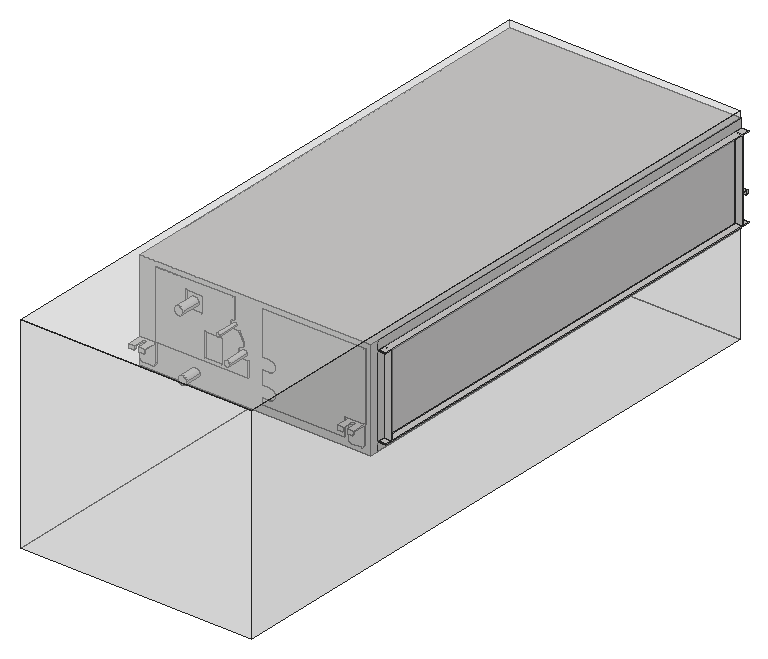
Revit family "outputfile", category 機械設備, Revit 2024
Family settings
  丸型コネクタ寸法 = 半径を使用
  パーツ タイプ = 標準
  OmniClass 番号 = 23.75.10.24.21.27.27
  OmniClass タイトル = Split System Air Conditioning Units
  作業面ベース = いいえ
  常に垂直 = はい
  ロード時にボイドで切り取り = いいえ
  注釈の向きを維持 = いいえ
  共有 = いいえ
  部屋計算ポイント = はい
Parameters (values of type "FDMA85AV1A")
  Description = ""
  製造元 = "Daikin"
  書き出し IFC クラス(タイプ) = "IfcUnitaryEquipmentType"
  定義済み IFC タイプ(タイプ) = "AIRCONDITIONINGUNIT"
  Cost = 0
  モデル = "FDMA85AV1A"
  Type Comments = ""
  Keynote = ""
  Type Image = (empty or 0)
  Assembly Code = ""
  switch_frequency = yes
  r_Liquid Pipe Size = Liquid Pipe Size / 2  # 4.75 mm
  r_Gas Pipe Size = Gas Pipe Size / 2  # 7.95 mm
  r_Drain Pipe Size = Drain Pipe Size / 2  # 12.5 mm
  lw_power = 395.0 mm  # constant formula
  lw_mountinghole1 = if(Depth = 1000.0 mm, 27.0 mm, if(Depth = 1400.0 mm, 28.0 mm, 27.0 mm))  # 28.0 mm
  lh_SA = 165.0 mm  # constant formula
  lw_SA = if(Depth = 550.0 mm, 225.0 mm, if(Depth = 700.0 mm, 300.0 mm, if(Depth = 1000.0 mm, 435.0 mm, if(Depth = 1400.0 mm, 635.0 mm, 725.0 mm))))  # 635.0 mm
  lw_RA = if(Depth = 550.0 mm, 275.0 mm, if(Depth = 700.0 mm, 349.0 mm, if(Depth = 1000.0 mm, 513.0 mm, if(Depth = 1400.0 mm, 713.0 mm, 775.0 mm))))  # 713.0 mm
  lh_power = 60.0 mm + [h***]  # 60.0 mm
  lh_mountinghole1 = lh_mountinghole + [h***]  # 80.0 mm
  lh_RA = 150.0 mm  # constant formula
  ld_power = Depth / 2  # 700.0 mm
  connector_voltage = Voltage_50Hz  # 230 V
  connector_powerinput = [Power Input (Cooling)]  # 2.290 kW
  connector_phase = Phase_50Hz  # 1
  Voltage_comment_50Hz = "220 - 240"
  Voltage_50Hz = 230 V
  URL = ""
  Total Heating Capacity [instance] = 0.000 kW
  Supply Air Direction [instance] = yes
  Sound Power Level_H speed (dB) = 55
  Power Input (Heating) = 2.520 kW
  Phase_50Hz = 1
  Nominal Heating Capacity = 10.000 kW
  Minimum External Static Pressure = 50.00 Pa
  Minimum Circuit Amps_50Hz = 0.0 A
  Maximum Fuse Amps_50Hz = 0.0 A
  Maximum External Static Pressure = 200.00 Pa
  Material_Casing = DAIKIN_GalvanizedSteel_Casing_indoorunit
  lw_mountinghole = 631.0 mm  # constant formula
  lh_gaspipe = 144.0 mm + [h***]  # 144.0 mm
  lh_mountinghole = 80.0 mm  # constant formula
  lh_liquidpipe = 212.0 mm + [h***]  # 212.0 mm
  lh_drainpipe = 232.0 mm + [h***]  # 232.0 mm
  lh_antena = Height - lh_mountinghole + 1.0 mm  # 221.0 mm
  ld_drainpipe = Depth / 2 + 59.0 mm  # 759.0 mm
  ld_liquidpipe = Depth / 2 + 65.0 mm  # 765.0 mm
  ld_gaspipe = Depth / 2 + 65.0 mm  # 765.0 mm
  ld_mountinghole = Depth + 38.0 mm  # 1438.0 mm
  h*** = 0.0 mm  # constant formula
  lw_liquidpipe = 290.0 mm  # constant formula
  lw_gaspipe = 290.0 mm + 28.0 mm  # 318.0 mm
  lw_drainpipe = 167.0 mm  # constant formula
  Width = 700.0 mm
  Version = "ver.1.0"
  Unit Type = "Duct"
  Unit Mass Weight = 78.00 kg
  Unit Designation [instance] = ""
  Uniclass2015Version = "Products v1.30"
  Uniclass2015Title = "Split coil room air conditioning units"
  Uniclass2015Code = "Pr_70_65_03_86"
  Total Cooling Capacity [instance] = 0.000 kW
  Sound Pressure Level_M speed (dBA) = 35.5
  Sound Pressure Level_L speed (dBA) = 33
  Sound Pressure Level_H speed (dBA) = 38
  Series = "SkyAir_Fan Coil Unit"
  Sensible Cooling Capacity [instance] = 0.000 kW
  SA Duct Size Width = 1160.0 mm
  SA Duct Size Height = 215.0 mm
  Refrigerant Type = "R32"
  RA Duct Size Width = 1325.0 mm
  RA Duct Size Height = 247.0 mm
  Power Input (Cooling) = 2.290 kW
  Option Accessory 3 [instance] = ""
  Option Accessory 2 [instance] = ""
  Option Accessory 1 [instance] = ""
  Nominal Cooling Capacity = 8.500 kW
  Minimum Airflow = 1380.00 m³/h
  Median Airflow = 1650.00 m³/h
  Maximum Airflow = 1920.00 m³/h
  Load Classification = HVAC
  Liquid Pipe Size = 9.5 mm
  Link_Nested Family [instance] = ""
  IfcVersion = ""
  IfcExportType = "AIRCONDITIONINGUNIT"
  IfcExportAs = "IfcUnitaryEquipmentType"
  Height = 300.0 mm
  Heating Entering Wet Bulb Temperature [instance] = -273.15 °C
  Heating Entering Dry Bulb Temperature [instance] = -273.15 °C
  Heating Ambient Wet Bulb Temperature [instance] = -273.15 °C
  Heating Ambient Dry Bulb Temperature [instance] = -273.15 °C
  Heat Exchanger Type = "Cross Fin Coil"
  Gas Pipe Size = 15.9 mm
  Frequency_50Hz = 50 Hz
  Fan Type = "Sirocco Fan"
  Fan Drive = "-"
  FCU Tag No. [instance] = ""
  Drain Pipe Size = 25.0 mm
  Design Supply Airflow [instance] = 0.00 m³/h
  Design Return Airflow [instance] = 0.00 m³/h
  Design External Static Pressure [instance] = 0.00 Pa
  Depth = 1400.0 mm
  既定の高さ = 0.0 mm
  Cooling Entering Wet Bulb Temperature [instance] = 0.00 °C
  Cooling Entering Dry Bulb Temperature [instance] = 0.00 °C
  Cooling Ambient Wet Bulb Temperature [instance] = 0.00 °C
  Cooling Ambient Dry Bulb Temperature [instance] = 0.00 °C
  Clearance visibility [instance] = yes
  Clearance Top = 20.0 mm
  Clearance Right = 0.0 mm
  Clearance Rear = 0.0 mm
  Clearance Left = 0.0 mm
  Clearance Front = 450.0 mm
  Clearance Bottom = 300.0 mm
Reference planes
  plane 1 "Center (Front/Back)": y = 0
  plane 2 "h": z = 0
  plane 3 "Center (Left/Right)": x = 0
  plane 4 "Back": y = 700
  plane 5 "Front": y = -700
  plane 6 "Left": x = -350
  plane 7 "Right": x = 350
  plane 8 "Top": z = 0
  plane 9 "Bottom": z = -300
  plane 10: y = -215
  plane 11: y = 700
  plane 12: y = -1150
  plane 13: x = -350
  plane 14: x = 350
  plane 15: z = 20
  plane 16: z = -600
  plane 17: x = -350
  plane 18: x = -349
  plane 19: x = 349
  plane 20: y = 65
  plane 21: y = 13
  plane 22: z = -150
  plane 23: y = -701
  plane 24: z = -88
  plane 25: x = -60
  plane 26: y = -765
  plane 27: z = -156
  plane 28: x = -32
  plane 29: y = -759
  plane 30: z = -68
  plane 31: x = -183
  plane 32: x = -183
  plane 33: x = -60
  plane 34: x = -32
  plane 35: x = 45
  plane 36: x = -322
  plane 37: x = 309
  plane 38: y = -719
  plane 39: y = 719
  plane 40: z = -220
  plane 41: z = -135
  plane 42: y = -765
  plane 43: y = -376
  plane 44: y = -699
  plane 45: x = -373
  plane 46: x = 373
  plane 47: y = -749
Forms (mm)
  Extrusion 1, solid, material "DAIKIN_GalvanizedSteel_Casing_indoorunit" <- "Material_Casing"
    sketch origin (0, 0, 0) x (1, 0, 0) y (0, 1, 0)
      loop
        line (-349, 700) -> (-349, -700) -> (349, -700) -> (349, 700) -> (-349, 700)
    from -300 to 0
  Extrusion 2, solid, material "DAIKIN_GalvanizedSteel_Casing_indoorunit" <- "Material_Casing"
    sketch origin (0, 0, 0) x (1, 0, 0) y (0, 0, 1)
      loop
        line (-298.499, -219) -> (-20, -219) -> (-20, -172.5) -> (-37.831, -172.5)
        arc (-37.831, -172.5) -> (-49.389, -154.034) -> (-34, -138.615) r 17.5
        line (-34, -138.615) -> (-34, -127.5) -> (-47, -100.5) -> (-63.571, -100.5)
        arc (-63.571, -100.5) -> (-72.874, -86.197) -> (-60, -75) r 13
        line (-60, -75) -> (-60, -14) -> (-298.499, -14) -> (-298.499, -219)
      loop
        line (-158.5, -43.5) -> (-207.5, -43.5) -> (-207.5, -92.5) -> (-158.5, -92.5) -> (-158.5, -43.5)
      loop
        line (-150.563, -137.796) -> (-150.563, -209.857) -> (-96.517, -209.857) -> (-96.517, -137.796) -> (-150.563, -137.796)
    from 700 to 701
  Extrusion 3, solid, material "DAIKIN_GalvanizedSteel_Casing_indoorunit" <- "Material_Casing"
    sketch origin (0, 0, 0) x (1, 0, 0) y (0, 0, 1)
      loop
        line (23.104, -274.802) -> (272.104, -274.802) -> (272.104, -219.802) -> (335, -219.802) -> (335, -15.8) -> (23.104, -15.8) -> (23.104, -146.302) -> (46.104, -146.302)
        arc (46.104, -146.302) -> (63.604, -163.802) -> (46.104, -181.302) r 17.5
        line (46.104, -181.302) -> (23.104, -181.302) -> (23.104, -222.302) -> (46.104, -222.302)
        arc (46.104, -222.302) -> (63.604, -239.802) -> (46.104, -257.302) r 17.5
        line (46.104, -257.302) -> (23.104, -257.302) -> (23.104, -274.802)
    from 700 to 701
  Extrusion 4, solid, material "DAIKIN_GalvanizedSteel_Casing_indoorunit" <- "Material_Casing"
    sketch origin (0, 0, 0) x (1, 0, 0) y (0, 0, 1)
      loop
        circle (-60, -88) r 4.75
    from 700 to 765
  Extrusion 5, solid, material "DAIKIN_GalvanizedSteel_Casing_indoorunit" <- "Material_Casing"
    sketch origin (0, 0, 0) x (1, 0, 0) y (0, 0, 1)
      loop
        circle (-32, -156) r 7.95
    from 700 to 765
  Extrusion 6, solid, material "DAIKIN_GalvanizedSteel_Casing_indoorunit" <- "Material_Casing"
    sketch origin (0, 0, 0) x (1, 0, 0) y (0, 0, 1)
      loop
        circle (-183, -68) r 12.5
    from 700 to 759
  Extrusion 7, solid, material "DAIKIN_GalvanizedSteel_Casing_indoorunit" <- "Material_Casing"
    sketch origin (0, 0, 0) x (1, 0, 0) y (0, 0, 1)
      loop
        circle (-180, -260) r 12.5
    from 700 to 749
Dimensions and locks
  "Height": plane 8 "Top" to plane 9 "Bottom"
  equal spacing: plane 4 "Back", plane 1 "Center (Front/Back)", plane 5 "Front"
  "Depth": plane 4 "Back" to plane 5 "Front"
  equal spacing: plane 6 "Left", plane 3 "Center (Left/Right)", plane 7 "Right"
  "Width": plane 6 "Left" to plane 7 "Right"
  "Clearance Left": plane 13 to plane 6 "Left"
  "Clearance Right": plane 7 "Right" to plane 14
  "Clearance Rear": plane 11 to plane 4 "Back"
  "Clearance Front": plane 5 "Front" to plane 12
  "Clearance Top": plane 15 to plane 8 "Top"
  "Clearance Bottom": plane 9 "Bottom" to plane 16
  locked: plane 17 to plane 18 at 1
  locked: plane 19 to plane 14 at 1
  "lw_RA": plane 21 to plane 5 "Front"
  "lh_RA": plane 22 to plane 9 "Bottom"
  locked: plane 5 "Front" to plane 23 at 1
  "lw_liquidpipe": plane 25 to plane 6 "Left"
  "lh_liquidpipe": plane 24 to plane 9 "Bottom"
  "lh_gaspipe": plane 27 to plane 9 "Bottom"
  "lw_gaspipe": plane 28 to plane 6 "Left"
  "ld_gaspipe": plane 26 to plane 1 "Center (Front/Back)"
  "ld_drainpipe": plane 29 to plane 1 "Center (Front/Back)"
  "lh_drainpipe": plane 30 to plane 9 "Bottom"
  "lw_drainpipe": plane 31 to plane 6 "Left"
  "lw_drainpipe": plane 6 "Left" to plane 32
  "lw_liquidpipe": plane 6 "Left" to plane 33
  "lw_gaspipe": plane 6 "Left" to plane 34
  "lw_power": plane 6 "Left" to plane 35
  "lw_mountinghole1": plane 17 to plane 36
  "lw_mountinghole": plane 36 to plane 37
  equal spacing: plane 38, plane 1 "Center (Front/Back)", plane 39
  "ld_mountinghole": plane 39 to plane 38
  "lh_mountinghole": plane 40 to plane 9 "Bottom"
  "lh_SA": plane 41 to plane 9 "Bottom"
  locked: plane 44 to plane 5 "Front" at 1
  locked: plane 45 to plane 17 at 23
  locked: plane 14 to plane 46 at 23
  "ld_liquidpipe": plane 42 to plane 1 "Center (Front/Back)"
  locked: Extrusion 7 sketch curve to plane 18 at 169
  locked: Extrusion 7 sketch curve to plane 9 "Bottom" at 40
  locked: Extrusion 2 sketch curve to Extrusion 2 sketch curve at 205
  locked: Extrusion 2 sketch curve to Extrusion 2 sketch curve at 86.5
  locked: Extrusion 2 sketch curve to Extrusion 2 sketch curve at 72
  locked: Extrusion 2 sketch curve to Extrusion 2 sketch curve at 49  (x2)
  locked: Extrusion 2 sketch curve to Extrusion 2 sketch curve at 29.5
  locked: Extrusion 2 sketch curve to Extrusion 2 sketch curve at 72.061
  locked: Extrusion 2 sketch curve to Extrusion 2 sketch curve at 54.046
  locked: Extrusion 2 sketch curve to Extrusion 2 sketch curve at 98.5
  Extrusion 2 sketch curve to connector elem = 40.0 mm
  locked: Extrusion 2 sketch curve to Extrusion 2 sketch curve at 9.143
  locked: Extrusion 2 sketch curve to plane 18 at 50.501
  locked: plane 5 "Front" to plane 47 at 49
  "lw_SA": plane 4 "Back" to plane 20
  "r_Liquid Pipe Size": radius of Extrusion 4 sketch curve
  "r_Gas Pipe Size": radius of Extrusion 5 sketch curve
  "r_Drain Pipe Size": radius of Extrusion 6 sketch curve
  aligned and locked: level to plane 2 "h"
  aligned and locked: plane 8 "Top" to Extrusion 1
  aligned and locked: Extrusion 1 to plane 9 "Bottom"
  aligned and locked: nested 5 to plane 12
  aligned and locked: plane 13 to nested 5
  aligned and locked: plane 14 to nested 5
  aligned and locked: nested 5 to plane 13
  aligned and locked: plane 11 to nested 5
  aligned and locked: plane 15 to nested 5
  aligned and locked: plane 16 to nested 5
  aligned and locked: plane 5 "Front" to Extrusion 1 sketch curve
  aligned and locked: Extrusion 1 to plane 18
  aligned and locked: plane 19 to Extrusion 1
  aligned and locked: nested 7 to plane 18
  aligned and locked: nested 7 to plane 20
  aligned and locked: plane 19 to nested 8
  aligned and locked: plane 21 to nested 8
  aligned and locked: plane 22 to nested 8
  aligned and locked: Extrusion 2 to plane 23
  aligned and locked: plane 5 "Front" to Extrusion 2
  aligned and locked: plane 5 "Front" to Extrusion 3
  aligned and locked: Extrusion 4 sketch curve to plane 25
  aligned and locked: plane 24 to Extrusion 4 sketch curve
  aligned and locked: plane 5 "Front" to Extrusion 4
  aligned and locked: Extrusion 5 sketch curve to plane 28
  aligned and locked: plane 27 to Extrusion 5 sketch curve
  aligned and locked: plane 5 "Front" to Extrusion 5
  aligned and locked: Extrusion 6 sketch curve to plane 31
  aligned and locked: Extrusion 6 sketch curve to plane 30
  aligned and locked: Extrusion 6 to plane 29
  aligned and locked: nested 3 to plane 29
  aligned and locked: nested 3 to plane 32
  aligned and locked: nested 2 to plane 33
  aligned and locked: nested 1 to plane 34
  aligned and locked: Extrusion 5 to plane 26
  aligned and locked: nested 1 to plane 26
  aligned and locked: nested 6 to plane 5 "Front"
  aligned and locked: nested 6 to plane 35
  aligned and locked: plane 36 to nested 10
  aligned and locked: nested 10 to plane 5 "Front"
  aligned and locked: plane 37 to nested 9
  aligned and locked: nested 9 to plane 5 "Front"
  aligned and locked: nested 11 to plane 36
  aligned and locked: plane 4 "Back" to nested 11
  aligned and locked: nested 12 to plane 37
  aligned and locked: plane 4 "Back" to nested 12
  aligned and locked: plane 40 to nested 10
  aligned and locked: plane 40 to nested 11
  aligned and locked: plane 40 to nested 9
  aligned and locked: plane 40 to nested 12
  aligned and locked: plane 36 to nested 14
  aligned and locked: nested 14 to plane 39
  aligned and locked: plane 37 to nested 13
  aligned and locked: nested 13 to plane 39
  aligned and locked: plane 37 to nested 16
  aligned and locked: plane 38 to nested 16
  aligned and locked: plane 38 to nested 15
  aligned and locked: plane 36 to nested 15
  aligned and locked: plane 17 to plane 6 "Left"
  aligned and locked: plane 41 to nested 7
  aligned and locked: Extrusion 4 to plane 42
  aligned and locked: nested 2 to plane 42
  aligned and locked: Extrusion 3 to plane 23
  aligned and locked: nested 17 to plane 20
  aligned and locked: nested 17 to plane 45
  aligned and locked: plane 21 to nested 18
  aligned and locked: plane 46 to nested 18
  aligned and locked: plane 41 to nested 17
  aligned and locked: nested 18 to plane 22
  aligned and locked: nested 4 to plane 3 "Center (Left/Right)"
  aligned and locked: plane 1 "Center (Front/Back)" to nested 4
  aligned and locked: level to plane 8 "Top"
  aligned and locked: plane 5 "Front" to Extrusion 6
  aligned and locked: plane 5 "Front" to Extrusion 7
  aligned and locked: Extrusion 7 to plane 47
Automatic sketch dimensions
  plane 6 "Left" to Extrusion 1 sketch curve = 1.0 mm
  Extrusion 1 sketch curve to plane 7 "Right" = 1.0 mm
  Extrusion 1 sketch curve to plane 4 "Back" = 0.0 mm
  Extrusion 2 sketch curve to Extrusion 2 sketch curve = 13.0 mm
  Extrusion 2 sketch curve to Extrusion 2 sketch curve = 16.571 mm
  plane 41 to Extrusion 2 sketch curve = 7.5 mm
  Extrusion 2 sketch curve to plane 41 = 3.615 mm
  Extrusion 2 sketch curve to Extrusion 2 sketch curve = 2.0 mm
  Extrusion 2 sketch curve to Extrusion 2 sketch curve = 5.831 mm
  plane 40 to Extrusion 2 sketch curve = 1.0 mm
  Extrusion 2 sketch curve to Extrusion 2 sketch curve = 12.5 mm
  Extrusion 2 sketch curve to plane 33 = 90.563 mm
  plane 3 "Center (Left/Right)" to Extrusion 3 sketch curve = 23.104 mm
  Extrusion 3 sketch curve to level = 15.8 mm
  Extrusion 3 sketch curve to plane 19 = 14.0 mm
  plane 40 to Extrusion 3 sketch curve = 0.198 mm
  Extrusion 3 sketch curve to plane 37 = 36.896 mm
  plane 9 "Bottom" to Extrusion 3 sketch curve = 25.198 mm  (x2)
  Extrusion 2 sketch curve to plane 33 = 147.5 mm
  Extrusion 2 sketch curve to Extrusion 2 sketch curve = 17.831 mm
  plane 35 to Extrusion 3 sketch curve = 1.104 mm  (x2)
  plane 22 to Extrusion 3 sketch curve = 3.698 mm
  Extrusion 3 sketch curve to plane 40 = 2.302 mm
  Extrusion 3 sketch curve to Extrusion 3 sketch curve = 17.5 mm
  Extrusion 3 sketch curve to plane 22 = 31.302 mm
  Extrusion 3 sketch curve to plane 35 = 21.896 mm
  Extrusion 3 sketch curve to Extrusion 3 sketch curve = 0.0 mm
  radius of Extrusion 7 sketch curve = 12.5 mm
Nested families
  nested 1: "daikin_connector_rotate2" at (-32, 0, -156), length <- "ld_gaspipe", built-in parameter 1001364 <- "lh_gaspipe", radius <- "r_Gas Pipe Size", type "daikin_connector_rotate2"
    with radius 7.95 mm, length 765.0 mm, angle_vertical 90.00°
  nested 2: "daikin_connector_rotate2" at (-60, 0, -88), length <- "ld_liquidpipe", built-in parameter 1001364 <- "lh_liquidpipe", radius <- "r_Liquid Pipe Size", type "daikin_connector_rotate2"
    with radius 4.75 mm, length 765.0 mm, angle_vertical 90.00°
  nested 3: "daikin_connector_rotate2" at (-183, 0, -68), length <- "ld_drainpipe", built-in parameter 1001364 <- "lh_drainpipe", radius <- "r_Drain Pipe Size", type "daikin_connector_rotate2"
    with radius 12.5 mm, length 759.0 mm, angle_vertical 90.00°
  nested 4: "daikin_△_symbolicline" at (0, 0, 300) x (0, -1, 0) z (0, 0, 1), built-in parameter 1001364 <- "Height", visible <- "Supply Air Direction", type "daikin_△_symbolicline"
    with length 200.0 mm
  nested 5: "daikin_clearancespace" at (0, -225, -289.881), visible <- "Clearance visibility", show <- "Clearance visibility", Link_Nested Family <- "Link_Nested Family", type "daikin_clearancespace"
    with width 700.0 mm, show yes, height 620.0 mm, depth 1850.0 mm, Link_Nested Family ""
  nested 6: "daikin_connector_rotate2" at (45, 0, -240), built-in parameter 1001364 <- "lh_power", length <- "ld_power", type "daikin_connector_rotate2"
    with radius 10.0 mm, length 700.0 mm, angle_vertical 90.00°
  nested 7: "daikin_ductflange_FDMA-AV1A2" at (-349, 65, -135) x (0, -1, 0) z (0, 0, 1), type "daikin_ductflange_FDMA-AV1A2"
    with width 1160.0 mm, w 1400.0 mm
  nested 8: "daikin_ductflange_FDMA-AV1A" at (349, 13, -150) x (0, 1, 0) z (0, 0, 1), type "daikin_ductflange_FDMA-AV1A"
    with width 1325.0 mm, w 1400.0 mm
  nested 9: "daikin_hangerfixture_FDMA-AV1A" at (309, -700, -220), type "daikin_hangerfixture_FDMA-AV1A"
  nested 10: "daikin_hangerfixture_FDMA-AV1A" at (-322, -700, -220), type "daikin_hangerfixture_FDMA-AV1A"
  nested 11: "daikin_hangerfixture_FDMA-AV1A" at (-322, 700, -220) x (-1, 0, 0) z (0, 0, 1), type "daikin_hangerfixture_FDMA-AV1A"
  nested 12: "daikin_hangerfixture_FDMA-AV1A" at (309, 700, -220) x (-1, 0, 0) z (0, 0, 1), type "daikin_hangerfixture_FDMA-AV1A"
  nested 13: "daikin_mountinghole" at (309, 719, -300), h_mountinghole <- "lh_mountinghole1", l_antenna <- "lh_antena", Link_Nested Family <- "Link_Nested Family", type "daikin_mountinghole"
    with show yes, l_antenna 221.0 mm, h_mountinghole 80.0 mm, Link_Nested Family ""
  nested 14: "daikin_mountinghole" at (-322, 719, -300), h_mountinghole <- "lh_mountinghole1", l_antenna <- "lh_antena", Link_Nested Family <- "Link_Nested Family", type "daikin_mountinghole"
    with show yes, l_antenna 221.0 mm, h_mountinghole 80.0 mm, Link_Nested Family ""
  nested 15: "daikin_mountinghole" at (-322, -719, -300), h_mountinghole <- "lh_mountinghole1", l_antenna <- "lh_antena", Link_Nested Family <- "Link_Nested Family", type "daikin_mountinghole"
    with show yes, l_antenna 221.0 mm, h_mountinghole 80.0 mm, Link_Nested Family ""
  nested 16: "daikin_mountinghole" at (309, -719, -300), h_mountinghole <- "lh_mountinghole1", l_antenna <- "lh_antena", Link_Nested Family <- "Link_Nested Family", type "daikin_mountinghole"
    with show yes, l_antenna 221.0 mm, h_mountinghole 80.0 mm, Link_Nested Family ""
  nested 17: "daikin_connector_rotate2" at (-349, 65, -135) x (0, -1, 0) z (0, 0, 1), type "daikin_connector_rotate2"
    with radius 10.0 mm, length 24.0 mm, angle_vertical 90.00°
  nested 18: "daikin_connector_rotate2" at (349, 13, -150) x (0, 1, 0) z (0, 0, 1), type "daikin_connector_rotate2"
    with radius 10.0 mm, length 24.0 mm, angle_vertical 90.00°
Connectors
  piping at (-183, -759, -68), diameter 25, driven by "r_Drain Pipe Size"
    settings: on nested 3, index 3, connector inside diameter 609.6 mm, connector length 0.0 mm, flow factor 0, pipe flow 0.00 m³/h, pressure drop 0.0 Pa, fitting loss kfactor 0, connector angle 0.00°, fixture units 0, engagement length 0.0 mm, angle of deflection 0.00°, flow configuration 1, flow direction 2, fitting loss method 4, system type 16, joint type 0, gender type 0, connector reference index -1, connector utility 0, adjustable connector no, is connector primary yes, connector description "Condensate Drain Piping"
  piping at (-32, -765, -156), diameter 15.9, driven by "r_Gas Pipe Size"
    settings: on nested 1, index 4, connector inside diameter 609.6 mm, connector length 0.0 mm, flow factor 0, pipe flow 0.00 m³/h, pressure drop 0.0 Pa, fitting loss kfactor 0, connector angle 0.00°, fixture units 0, engagement length 0.0 mm, angle of deflection 0.00°, flow configuration 1, flow direction 2, fitting loss method 0, system type 29, joint type 0, gender type 0, connector reference index -1, connector utility 0, adjustable connector no, is connector primary no, connector description "Refrigerant Gas Piping"
  piping at (-60, -765, -88), diameter 9.5, driven by "r_Liquid Pipe Size"
    settings: on nested 2, index 5, connector inside diameter 609.6 mm, connector length 0.0 mm, flow factor 0, pipe flow 0.00 m³/h, pressure drop 0.0 Pa, fitting loss kfactor 0, connector angle 0.00°, fixture units 0, engagement length 0.0 mm, angle of deflection 0.00°, flow configuration 1, flow direction 1, fitting loss method 0, system type 29, joint type 0, gender type 0, connector reference index -1, connector utility 0, adjustable connector no, is connector primary no, connector description "Refrigerant Liquid Piping"
  electrical at (45, -700, -240), driven by "Load Classification", driven by "connector_phase", driven by "connector_powerinput", driven by "connector_voltage"
    settings: on nested 6, index 6, voltage 230 V, apparent load 2290 VA, apparent load phase1 0 VA, apparent load phase2 0 VA, apparent load phase3 0 VA, power factor 1, load classification "HVAC", number of poles 1, system type 30, power factor state 1, is connector primary yes, connector utility no, sub classification motor no, connector description "Power Supply"
  hvac at (-373, 65, -135), driven by "SA Duct Size Height", driven by "SA Duct Size Width"
    settings: on nested 17, index 7, duct flow 0.00 m³/h, flow factor 0, pres drop 0.00 Pa, loss coef 0, conn angle 0.00°, conn width 1160.0 mm, conn height 215.0 mm, conn diameter 609.6 mm, duct sys type 1, conn prof type 1, flow config 0, flow direction 2, loss method 4, conn ref index -1, conn util no, is conn primary yes, conn desc "SA Duct"
  hvac at (373, 13, -150), driven by "RA Duct Size Height", driven by "RA Duct Size Width"
    settings: on nested 18, index 8, duct flow 0.00 m³/h, flow factor 0, pres drop 0.00 Pa, loss coef 0, conn angle 0.00°, conn width 1325.0 mm, conn height 247.0 mm, conn diameter 609.6 mm, duct sys type 2, conn prof type 1, flow config 0, flow direction 1, loss method 4, conn ref index -1, conn util no, is conn primary no, conn desc "RA Duct"
Definition of nested family "daikin_clearancespace"
  Parameters (values of type "daikin_clearancespace")
    Description = "daikin_clearancespace"
    width [instance] = 1823.963 mm
    show [instance] = yes
    material = none
    height [instance] = 1359.762 mm
    depth [instance] = 880.0 mm
    Default Elevation = 0.0 mm
    Link_Nested Family [instance] = ""
  Reference planes
    plane 1 "Center (Front/Back)": y = 0
    plane 2 "Center (Elevation)": z = -0.119
    plane 3 "Center (Left/Right)": x = 0
    plane 4: y = 440
    plane 5: y = -440
    plane 6 "Right": x = 911.982
    plane 7 "Left": x = -911.982
    plane 8 "Top": z = 679.762
    plane 9 "Bottom": z = -680
  Forms (mm)
    Extrusion 1, solid, material <- "material", visible <- "show"
      sketch origin (0, 0, 0) x (1, 0, 0) y (0, 1, 0)
        loop
          line (-911.982, 440) -> (-911.982, -440) -> (911.982, -440) -> (911.982, 440) -> (-911.982, 440)
      from -680 to 679.762
  Lines and regions (mm)
    symbolic lines, visible <- "show"
      curve 1: line (911.982, 440, 0) -> (-911.982, 440, 0)
      curve 2: line (-911.982, 440, 0) -> (-911.982, -440, 0)
      curve 3: line (-911.982, -440, 0) -> (911.982, -440, 0)
      curve 4: line (911.982, -440, 0) -> (911.982, 440, 0)
      curve 5: line (911.982, 0, 679.762) -> (-911.982, 0, 679.762)
      curve 6: line (911.982, 0, -680) -> (911.982, 0, 679.762)
      curve 7: line (-911.982, 0, -680) -> (911.982, 0, -680)
      curve 8: line (-911.982, 0, 679.762) -> (-911.982, 0, -680)
      curve 9: line (0, 440, 679.762) -> (0, -440, 679.762)
      curve 10: line (0, -440, 679.762) -> (0, -440, -680)
      curve 11: line (0, 440, -680) -> (0, 440, 679.762)
      curve 12: line (0, -440, -680) -> (0, 440, -680)
  Dimensions and locks
    "width": plane 7 "Left" to plane 6 "Right"
    "depth": plane 4 to plane 5
    "height": plane 8 "Top" to plane 9 "Bottom"
    equal spacing: plane 7 "Left", plane 3 "Center (Left/Right)", plane 6 "Right"
    equal spacing: plane 4, plane 1 "Center (Front/Back)", plane 5
    equal spacing: plane 8 "Top", plane 2 "Center (Elevation)", plane 9 "Bottom"
    aligned and locked: level to plane 2 "Center (Elevation)"
    aligned and locked: Extrusion 1 sketch curve to plane 4
    aligned and locked: plane 7 "Left" to Extrusion 1 sketch curve
    aligned and locked: Extrusion 1 sketch curve to plane 5
    aligned and locked: Extrusion 1 sketch curve to plane 6 "Right"
    aligned and locked: plane 8 "Top" to Extrusion 1
    aligned and locked: curve 1 to Extrusion 1
    aligned and locked: curve 2 to Extrusion 1
    aligned and locked: curve 3 to Extrusion 1
    aligned and locked: curve 4 to Extrusion 1
    aligned and locked: curve 5 to Extrusion 1
    aligned and locked: curve 6 to Extrusion 1
    aligned and locked: curve 7 to Extrusion 1
    aligned and locked: curve 8 to Extrusion 1
    aligned and locked: curve 9 to Extrusion 1
    aligned and locked: curve 10 to Extrusion 1
    aligned and locked: curve 11 to Extrusion 1
    aligned and locked: curve 12 to Extrusion 1
    aligned and locked: Extrusion 1 to plane 9 "Bottom"
Definition of nested family "daikin_ductflange_FDMA-AV1A2"
  Parameters (values of type "daikin_ductflange_FBFC-DVM92")
    width = if(w = 550.0 mm, 337.0 mm, if(w = 700.0 mm, 492.0 mm, if(w = 1000.0 mm, 760.0 mm, if(w = 1400.0 mm, 1160.0 mm, 1337.0 mm))))  # 760.0 mm
    material = none
    height = 215.0 mm
    depth = 1.0 mm
    w = 1000.0 mm
    Default Elevation = 0.0 mm
  Reference planes
    plane 1 "Center (Front/Back)": y = 0
    plane 2: z = 0
    plane 3 "Center (Left/Right)": x = 0
    plane 4: z = 107.5
    plane 5: z = -107.5
    plane 6: y = -24
    plane 7: z = 132.5
    plane 8: z = 108.5
    plane 9: y = -1
    plane 10: x = -402.5
    plane 11: x = 402.5
    plane 12: z = -132.5
    plane 13: z = -108.5
    plane 14: y = -1
    plane 15: x = 380
    plane 16: x = -380
    plane 17: x = 381
    plane 18: z = 106.5
    plane 19: z = -106.5
    plane 20: x = -381
    plane 21: z = 106.5
    plane 22: z = -106.5
    plane 23: y = -1
  Forms (mm)
    Extrusion 1, solid, material <- "material"
      sketch origin (0, 0, 0) x (0, 1, 0) y (0, 0, 1)
        loop
          line (-24, 107.5) -> (0, 107.5) -> (0, 132.5) -> (-1, 132.5) -> (-1, 108.5) -> (-24, 108.5) -> (-24, 107.5)
      from -402.5 to 402.5
    Extrusion 2, solid, material <- "material"
      sketch origin (0, 0, 0) x (0, 1, 0) y (0, 0, 1)
        loop
          line (-24, -107.5) -> (-24, -108.5) -> (-1, -108.5) -> (-1, -132.5) -> (0, -132.5) -> (0, -107.5) -> (-24, -107.5)
      from -402.5 to 402.5
    Extrusion 3, solid, material <- "material"
      sketch origin (0, 0, 0) x (1, 0, 0) y (0, 0, 1)
        loop
          line (380, 107.5) -> (380, -107.5) -> (402.5, -107.5) -> (402.5, -106.5) -> (381, -106.5) -> (381, 106.5) -> (402.5, 106.5) -> (402.5, 107.5) -> (380, 107.5)
      from 0 to 24
    Extrusion 4, solid, material <- "material"
      sketch origin (0, 0, 0) x (1, 0, 0) y (0, 0, 1)
        loop
          line (-402.5, 107.5) -> (-402.5, 106.5) -> (-381, 106.5) -> (-381, -106.5) -> (-402.5, -106.5) -> (-402.5, -107.5) -> (-380, -107.5) -> (-380, 107.5) -> (-402.5, 107.5)
      from 0 to 24
    Extrusion 5, solid, material <- "material"
      sketch origin (0, 0, 0) x (1, 0, 0) y (0, 0, 1)
        loop
          line (-402.5, 107.5) -> (-402.5, -107.5) -> (-380, -107.5) -> (-380, 107.5) -> (-402.5, 107.5)
        loop
          line (402.5, 107.5) -> (380, 107.5) -> (380, -107.5) -> (402.5, -107.5) -> (402.5, 107.5)
      from 0 to 1
  Cuts and joins
    joined: Extrusion 1, Extrusion 2, Extrusion 3, Extrusion 4, Extrusion 5
  Dimensions and locks
    plane 4 to level to plane 5 = 107.5 mm, 107.5 mm
    locked: plane 6 to plane 1 "Center (Front/Back)" at 24
    locked: plane 9 to plane 1 "Center (Front/Back)" at 1
    locked: plane 8 to plane 4 at 1
    locked: plane 16 to plane 10 at 22.5
    locked: plane 17 to plane 15 at 1
    locked: plane 4 to plane 18 at 1
    locked: plane 19 to plane 5 at 1
    "width": plane 15 to plane 16
    plane 4 to plane 5 = 215.0 mm
    locked: plane 16 to plane 20 at 1
    locked: plane 4 to plane 21 at 1
    locked: plane 22 to plane 5 at 1
    locked: plane 23 to plane 1 "Center (Front/Back)" at 1
    plane 4 to level to plane 5 = 107.5 mm locked, 107.5 mm locked
    locked: plane 5 to plane 13 at 1
    locked: plane 5 to plane 12 at 25
    locked: plane 7 to plane 4 at 25
    equal spacing: plane 15, plane 3 "Center (Left/Right)", plane 16
    locked: plane 11 to plane 15 at 22.5
    plane 11 to plane 10 = 805.0 mm
    aligned and locked: level to plane 2
    aligned and locked: Extrusion 1 to plane 10
    aligned and locked: plane 11 to Extrusion 1
    aligned and locked: plane 5 to Extrusion 2
    aligned and locked: Extrusion 2 to plane 1 "Center (Front/Back)"
    aligned and locked: plane 15 to Extrusion 3 sketch curve
    aligned and locked: Extrusion 3 sketch curve to Extrusion 2  (x2)
    aligned and locked: Extrusion 3 sketch curve to plane 11
    aligned and locked: plane 6 to Extrusion 3
    aligned and locked: Extrusion 2 to plane 10
    aligned and locked: plane 11 to Extrusion 2
    aligned and locked: Extrusion 4 sketch curve to Extrusion 1  (x2)
    aligned and locked: plane 5 to Extrusion 4 sketch curve
    aligned and locked: Extrusion 4 sketch curve to plane 16
    aligned and locked: Extrusion 4 sketch curve to plane 22
    aligned and locked: plane 20 to Extrusion 4 sketch curve
    aligned and locked: plane 21 to Extrusion 4 sketch curve
    aligned and locked: Extrusion 4 to plane 1 "Center (Front/Back)"
    aligned and locked: plane 6 to Extrusion 4
    aligned and locked: Extrusion 5 sketch curve to Extrusion 1  (x4)
    aligned and locked: Extrusion 5 sketch curve to Extrusion 4  (x2)
    aligned and locked: Extrusion 5 sketch curve to Extrusion 3  (x2)
    aligned and locked: Extrusion 5 to plane 1 "Center (Front/Back)"
    aligned and locked: plane 23 to Extrusion 5
  Automatic sketch dimensions
    Extrusion 1 sketch curve to plane 6 = 0.0 mm
    Extrusion 1 sketch curve to plane 7 = 0.0 mm
    Extrusion 1 sketch curve to plane 9 = 0.0 mm
    Extrusion 1 sketch curve to plane 1 "Center (Front/Back)" = 0.0 mm
    Extrusion 1 sketch curve to plane 4 = 0.0 mm
    Extrusion 1 sketch curve to plane 8 = 0.0 mm
    Extrusion 2 sketch curve to plane 6 = 0.0 mm
    plane 12 to Extrusion 2 sketch curve = 0.0 mm
    Extrusion 2 sketch curve to plane 14 = 0.0 mm
    Extrusion 2 sketch curve to plane 1 "Center (Front/Back)" = 0.0 mm
    plane 13 to Extrusion 2 sketch curve = 0.0 mm
    Extrusion 2 sketch curve to plane 5 = 0.0 mm
    Extrusion 3 sketch curve to plane 17 = 0.0 mm
    Extrusion 3 sketch curve to plane 19 = 0.0 mm
    Extrusion 3 sketch curve to plane 18 = 0.0 mm
    Extrusion 3 sketch curve to plane 4 = 0.0 mm
    Extrusion 4 sketch curve to plane 10 = 0.0 mm
Definition of nested family "daikin_ductflange_FDMA-AV1A"
  Parameters (values of type "daikin_ductflange_FBFC-DVM9")
    width = if(w = 550.0 mm, 502.0 mm, if(w = 700.0 mm, 654.0 mm, if(w = 1000.0 mm, 925.0 mm, if(w = 1400.0 mm, 1325.0 mm, 1502.0 mm))))  # 925.0 mm
    material = none
    lw = if(width = 654.0 mm, 23.0 mm, 22.5 mm)  # 22.5 mm
    height = 247.0 mm
    depth = 1.0 mm
    w = 1000.0 mm
    Default Elevation = 0.0 mm
  Reference planes
    plane 1 "Center (Front/Back)": y = 0
    plane 2: z = 0
    plane 3 "Center (Left/Right)": x = 0
    plane 4: z = 123.5
    plane 5: z = -123.5
    plane 6: y = -24
    plane 7: z = 148.5
    plane 8: z = 124.5
    plane 9: y = -1
    plane 10: x = -485
    plane 11: x = 485
    plane 12: z = -149.5
    plane 13: z = -124.5
    plane 14: y = -1
    plane 15: x = 462.5
    plane 16: x = -462.5
    plane 17: x = 463.5
    plane 18: z = 122.5
    plane 19: z = -122.5
    plane 20: x = -463.5
    plane 21: z = 122.5
    plane 22: z = -122.5
    plane 23: y = -1
  Forms (mm)
    Extrusion 1, solid, material <- "material"
      sketch origin (0, 0, 0) x (0, 1, 0) y (0, 0, 1)
        loop
          line (-24, 123.5) -> (0, 123.5) -> (0, 148.5) -> (-1, 148.5) -> (-1, 124.5) -> (-24, 124.5) -> (-24, 123.5)
      from -485 to 485
    Extrusion 2, solid, material <- "material"
      sketch origin (0, 0, 0) x (0, 1, 0) y (0, 0, 1)
        loop
          line (-24, -123.5) -> (-24, -124.5) -> (-1, -124.5) -> (-1, -149.5) -> (0, -149.5) -> (0, -123.5) -> (-24, -123.5)
      from -485 to 485
    Extrusion 3, solid, material <- "material"
      sketch origin (0, 0, 0) x (1, 0, 0) y (0, 0, 1)
        loop
          line (462.5, 123.5) -> (462.5, -123.5) -> (485, -123.5) -> (485, -122.5) -> (463.5, -122.5) -> (463.5, 122.5) -> (485, 122.5) -> (485, 123.5) -> (462.5, 123.5)
      from 0 to 24
    Extrusion 4, solid, material <- "material"
      sketch origin (0, 0, 0) x (1, 0, 0) y (0, 0, 1)
        loop
          line (-485, 123.5) -> (-485, 122.5) -> (-463.5, 122.5) -> (-463.5, -122.5) -> (-485, -122.5) -> (-485, -123.5) -> (-462.5, -123.5) -> (-462.5, 123.5) -> (-485, 123.5)
      from 0 to 24
    Extrusion 5, solid, material <- "material"
      sketch origin (0, 0, 0) x (1, 0, 0) y (0, 0, 1)
        loop
          line (-485, 123.5) -> (-485, -123.5) -> (-462.5, -123.5) -> (-462.5, 123.5) -> (-485, 123.5)
        loop
          line (485, 123.5) -> (462.5, 123.5) -> (462.5, -123.5) -> (485, -123.5) -> (485, 123.5)
      from 0 to 1
  Cuts and joins
    joined: Extrusion 1, Extrusion 2, Extrusion 3, Extrusion 4, Extrusion 5
  Dimensions and locks
    plane 4 to level to plane 5 = 123.5 mm, 123.5 mm
    locked: plane 6 to plane 1 "Center (Front/Back)" at 24
    locked: plane 9 to plane 1 "Center (Front/Back)" at 1
    locked: plane 8 to plane 4 at 1
    "lw": plane 11 to plane 15
    "lw": plane 16 to plane 10
    locked: plane 17 to plane 15 at 1
    locked: plane 4 to plane 18 at 1
    locked: plane 19 to plane 5 at 1
    "width": plane 15 to plane 16
    equal spacing: plane 15, plane 3 "Center (Left/Right)", plane 16
    locked: plane 16 to plane 20 at 1
    locked: plane 4 to plane 21 at 1
    locked: plane 22 to plane 5 at 1
    locked: plane 23 to plane 1 "Center (Front/Back)" at 1
    locked: plane 7 to plane 4 at 25
    locked: plane 1 "Center (Front/Back)" to plane 14 at 1
    locked: plane 5 to plane 13 at 1
    "height": plane 4 to plane 5
    plane 11 to plane 10 = 970.0 mm
    locked: plane 12 to plane 13 at 25
    equal spacing: plane 4, level, plane 5
    aligned and locked: level to plane 2
    aligned and locked: Extrusion 1 to plane 10
    aligned and locked: plane 11 to Extrusion 1
    aligned and locked: plane 5 to Extrusion 2
    aligned and locked: Extrusion 2 to plane 1 "Center (Front/Back)"
    aligned and locked: plane 15 to Extrusion 3 sketch curve
    aligned and locked: Extrusion 3 sketch curve to Extrusion 2  (x2)
    aligned and locked: Extrusion 3 sketch curve to plane 11
    aligned and locked: plane 6 to Extrusion 3
    aligned and locked: Extrusion 2 to plane 10
    aligned and locked: plane 11 to Extrusion 2
    aligned and locked: Extrusion 4 sketch curve to Extrusion 1  (x2)
    aligned and locked: plane 5 to Extrusion 4 sketch curve
    aligned and locked: Extrusion 4 sketch curve to plane 16
    aligned and locked: Extrusion 4 sketch curve to plane 22
    aligned and locked: plane 20 to Extrusion 4 sketch curve
    aligned and locked: plane 21 to Extrusion 4 sketch curve
    aligned and locked: Extrusion 4 to plane 1 "Center (Front/Back)"
    aligned and locked: plane 6 to Extrusion 4
    aligned and locked: Extrusion 5 sketch curve to Extrusion 1  (x4)
    aligned and locked: Extrusion 5 sketch curve to Extrusion 4  (x2)
    aligned and locked: Extrusion 5 sketch curve to Extrusion 3  (x2)
    aligned and locked: Extrusion 5 to plane 1 "Center (Front/Back)"
    aligned and locked: plane 23 to Extrusion 5
  Automatic sketch dimensions
    Extrusion 1 sketch curve to plane 6 = 0.0 mm
    Extrusion 1 sketch curve to plane 7 = 0.0 mm
    Extrusion 1 sketch curve to plane 9 = 0.0 mm
    Extrusion 1 sketch curve to plane 1 "Center (Front/Back)" = 0.0 mm
    Extrusion 1 sketch curve to plane 4 = 0.0 mm
    Extrusion 1 sketch curve to plane 8 = 0.0 mm
    Extrusion 2 sketch curve to plane 6 = 0.0 mm
    plane 12 to Extrusion 2 sketch curve = 0.0 mm
    Extrusion 2 sketch curve to plane 14 = 0.0 mm
    Extrusion 2 sketch curve to plane 1 "Center (Front/Back)" = 0.0 mm
    plane 13 to Extrusion 2 sketch curve = 0.0 mm
    Extrusion 2 sketch curve to plane 5 = 0.0 mm
    Extrusion 3 sketch curve to plane 17 = 0.0 mm
    Extrusion 3 sketch curve to plane 19 = 0.0 mm
    Extrusion 3 sketch curve to plane 18 = 0.0 mm
    Extrusion 3 sketch curve to plane 4 = 0.0 mm
    Extrusion 4 sketch curve to plane 10 = 0.0 mm
Definition of nested family "daikin_hangerfixture_FDMA-AV1A"
  Parameters (values of type "daikin_hangerfixture_FBFC-DVM9")
    width = 80.0 mm
    material = none
    height = 65.0 mm
    depth = 50.0 mm
    Default Elevation = 0.0 mm
  Reference planes
    plane 1 "Center (Front/Back)": y = 0
    plane 2: z = 0
    plane 3 "Center (Left/Right)": x = 0
    plane 4: y = 417.146
    plane 5: y = -45
    plane 6: x = -24
    plane 7: x = 24
    plane 8: z = -2.3
    plane 9: z = -65
    plane 10: y = -2.3
    plane 11: z = -12
    plane 12: y = -42.7
  Forms (mm)
    Extrusion 1, solid, material <- "material"
      sketch origin (0, 0, 0) x (1, 0, 0) y (0, 1, 0)
        loop
          line (-24, 0) -> (-24, -45) -> (-6, -45) -> (-6, -19)
          arc (-6, -19) -> (0, -13) -> (6, -19) r 6
          line (6, -19) -> (6, -45) -> (24, -45) -> (24, 0) -> (-24, 0)
      from 0 to -2.3
    Extrusion 2, solid, material <- "material"
      sketch origin (0, 0, 0) x (1, 0, 0) y (0, 0, 1)
        loop
          line (24, -55) -> (24, 0) -> (-24, 0) -> (-24, -55)
          arc (-24, -55) -> (-21.071, -62.071) -> (-14, -65) r 10
          line (-14, -65) -> (14, -65)
          arc (14, -65) -> (21.071, -62.071) -> (24, -55) r 10
      from 0 to 2.3
    Extrusion 3, solid, material <- "material"
      sketch origin (0, 0, 0) x (1, 0, 0) y (0, 0, 1)
        loop
          line (-24, 0) -> (-24, -9)
          arc (-24, -9) -> (-23.121, -11.121) -> (-21, -12) r 3
          line (-21, -12) -> (-9, -12)
          arc (-9, -12) -> (-6.879, -11.121) -> (-6, -9) r 3
          line (-6, -9) -> (-6, 0) -> (-24, 0)
        loop
          line (24, 0) -> (6, 0) -> (6, -9)
          arc (6, -9) -> (6.879, -11.121) -> (9, -12) r 3
          line (9, -12) -> (21, -12)
          arc (21, -12) -> (23.121, -11.121) -> (24, -9) r 3
          line (24, -9) -> (24, 0)
      from 42.7 to 45
  Cuts and joins
    joined: Extrusion 1, Extrusion 2, Extrusion 3
  Dimensions and locks
    plane 2 to plane 8 = 2.3 mm
    "height": plane 2 to plane 9
    locked: plane 10 to plane 1 "Center (Front/Back)" at 2.3
    locked: plane 2 to plane 11 at 12
    locked: plane 12 to plane 5 at 2.3
    plane 5 to plane 1 "Center (Front/Back)" = 45.0 mm
    aligned and locked: level to plane 2
    aligned and locked: Extrusion 1 to plane 8
    aligned and locked: plane 2 to Extrusion 1
    aligned and locked: plane 2 to Extrusion 2 sketch curve
    aligned and locked: Extrusion 2 to plane 10
    aligned and locked: Extrusion 2 to plane 1 "Center (Front/Back)"
  Automatic sketch dimensions
    Extrusion 3 sketch curve to level = 0.0 mm  (x2)
    Extrusion 3 sketch curve to plane 11 = 0.0 mm  (x2)
    plane 11 to Extrusion 3 sketch curve = 3.0 mm  (x2)
    plane 3 "Center (Left/Right)" to Extrusion 3 sketch curve = 6.0 mm
    Extrusion 3 sketch curve to Extrusion 3 sketch curve = 3.0 mm  (x2)
    plane 1 "Center (Front/Back)" to Extrusion 1 sketch curve = 0.0 mm
    Extrusion 1 sketch curve to plane 3 "Center (Left/Right)" = 0.0 mm
    Extrusion 1 sketch curve to plane 3 "Center (Left/Right)" = 6.0 mm
    plane 6 to Extrusion 1 sketch curve = 0.0 mm
    Extrusion 1 sketch curve to plane 7 = 0.0 mm
    Extrusion 1 sketch curve to plane 10 = 16.7 mm
    Extrusion 1 sketch curve to plane 5 = 0.0 mm  (x2)
    Extrusion 3 sketch curve to plane 3 "Center (Left/Right)" = 6.0 mm
    Extrusion 3 sketch curve to Extrusion 3 sketch curve = 12.0 mm  (x2)
    Extrusion 2 sketch curve to plane 6 = 0.0 mm
    Extrusion 2 sketch curve to plane 9 = 0.0 mm
    Extrusion 2 sketch curve to plane 7 = 0.0 mm
    plane 6 to Extrusion 2 sketch curve = 10.0 mm
    plane 3 "Center (Left/Right)" to Extrusion 2 sketch curve = 14.0 mm
Definition of nested family "daikin_connector_rotate2"
  Parameters (values of type "daikin_connector_rotate2")
    Default Elevation = 1219.2 mm
    show_face = no
    radius [instance] = 10.0 mm
    length [instance] = 600.0 mm
    d_surface = 10.0 mm
    angle_vertical [instance] = 90.00°
  Reference planes
    plane 1 "Center (Front/Back)": y = 0
    plane 2: z = 0
    plane 3 "Center (Left/Right)": x = 0
  Forms (mm)
    Extrusion 1, solid, visible <- "show_face"
      sketch origin (0, -600, 0) x (1, 0, 0) y (0, 0, 1)
        loop
          circle (0, 0) r 10
      from 0 to -10
  Lines and regions (mm)
    reference lines
      curve 1: line (0, 0, 0) -> (0, -600, 0)
    symbolic lines
      curve 2: circle (0, 0, 0) r 5 normal (0, 0, 1)
    model lines, visible <- "show_face"
      curve 3: line (0, 0, 0) -> (0, -600, 0)
  Dimensions and locks
    "length": curve 1 to curve 1
    "length": curve 3 to curve 3
    "d_surface": Extrusion 1 to Extrusion 1
    "radius": radius of Extrusion 1 sketch curve
    "angle_vertical": angle curve 1 to plane 1 "Center (Front/Back)"
    "angle_vertical": angle curve 3 to plane 1 "Center (Front/Back)"
    aligned and locked: level to plane 2
    aligned and locked: plane 1 "Center (Front/Back)" to curve 1
    aligned and locked: plane 2 to curve 1
    aligned and locked: plane 1 "Center (Front/Back)" to curve 2
    aligned and locked: plane 3 "Center (Left/Right)" to curve 2
    aligned and locked: plane 1 "Center (Front/Back)" to curve 3
    aligned and locked: plane 2 to curve 3
    aligned and locked: Extrusion 1 to Extrusion 1
  Automatic sketch dimensions
    Extrusion 1 sketch curve to level = 0.0 mm
    Extrusion 1 sketch curve to plane 3 "Center (Left/Right)" = 0.0 mm
    radius of curve 2 = 5.0 mm
Definition of nested family "daikin_△_symbolicline"
  Parameters (values of type "daikin_△_symbolicline")
    length [instance] = 200.0 mm
    Default Elevation = 0.0 mm
  Reference planes
    plane 1 "Center (Front/Back)": y = 0
    plane 2: z = 0
    plane 3 "Center (Left/Right)": x = 0
  Lines and regions (mm)
    symbolic lines
      curve 1: line (0, -173.205, 0) -> (100, 0, 0)
      curve 2: line (100, 0, 0) -> (-100, 0, 0)
      curve 3: line (-100, 0, 0) -> (0, -173.205, 0)
  Dimensions and locks
    equal spacing: curve 3, plane 3 "Center (Left/Right)", curve 2
    "length": curve 3 to curve 2
    "length": curve 3 to curve 3
    "length": curve 1 to curve 1
    aligned and locked: level to plane 2
    aligned and locked: curve 2 to plane 1 "Center (Front/Back)"
    aligned and locked: plane 3 "Center (Left/Right)" to curve 3
Definition of nested family "daikin_mountinghole"
  Parameters (values of type "daikin_mountinghole")
    Default Elevation = 1219.2 mm
    Type Comments = "mountinghole"
    show [instance] = yes
    material = none
    l_centerline = 100.0 mm
    l_antenna [instance] = 100.0 mm
    h_mountinghole [instance] = 0.0 mm
    d_circle = 30.0 mm
    Link_Nested Family [instance] = ""
  Reference planes
    plane 1 "Center (Front/Back)": y = 0
    plane 2: z = 0
    plane 3 "Center (Left/Right)": x = 0
    plane 4: y = 50
    plane 5: x = -50
    plane 6: x = 50
    plane 7: y = -50
    plane 8 "h_mountinghole": z = 0
    plane 9: z = 100
  Lines and regions (mm)
    model lines, detail levels fine
      curve 1: circle (0, 0, 0) r 15 normal (0, 0, 1)
      curve 2: line (-50, 0, 0) -> (50, 0, 0)
      curve 3: line (0, 50, 0) -> (0, -50, 0)
    symbolic lines, detail levels fine
      curve 4: circle (0, 0, 0) r 15 normal (0, 0, 1)
      curve 5: line (-50, 0, 0) -> (50, 0, 0)
      curve 6: line (0, 50, 0) -> (0, -50, 0)
    model lines
      curve 7: line (0, 0, 100) -> (0, 0, 0)
  Dimensions and locks
    equal spacing: plane 4, plane 1 "Center (Front/Back)", plane 7
    "l_centerline": plane 4 to plane 7
    equal spacing: plane 5, plane 3 "Center (Left/Right)", plane 6
    "l_centerline": plane 5 to plane 6
    "l_antenna": plane 9 to plane 8 "h_mountinghole"
    "h_mountinghole": plane 8 "h_mountinghole" to plane 2
    "d_circle": diameter of curve 1
    "d_circle": diameter of curve 4
    aligned and locked: level to plane 2
    aligned and locked: plane 1 "Center (Front/Back)" to curve 1
    aligned and locked: plane 3 "Center (Left/Right)" to curve 1
    aligned and locked: plane 1 "Center (Front/Back)" to curve 2
    aligned and locked: curve 3 to plane 3 "Center (Left/Right)"
    aligned and locked: plane 6 to curve 2
    aligned and locked: plane 5 to curve 2
    aligned and locked: plane 4 to curve 3
    aligned and locked: plane 7 to curve 3
    aligned and locked: plane 1 "Center (Front/Back)" to curve 4
    aligned and locked: plane 3 "Center (Left/Right)" to curve 4
    aligned and locked: plane 6 to curve 5
    aligned and locked: plane 5 to curve 5
    aligned and locked: plane 1 "Center (Front/Back)" to curve 5
    aligned and locked: plane 4 to curve 6
    aligned and locked: plane 7 to curve 6
    aligned and locked: curve 6 to plane 3 "Center (Left/Right)"
    aligned and locked: curve 7 to plane 3 "Center (Left/Right)"
    aligned and locked: plane 9 to curve 7
    aligned and locked: plane 8 "h_mountinghole" to curve 7
